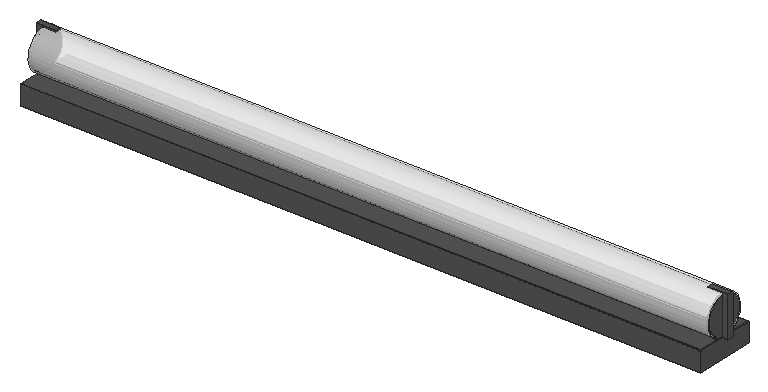
Revit family "AFX-Axel-LED_Vanity", category Lighting Fixtures, host Face, Revit 2022
Family settings
  Host = Face
  Round Connector Dimension = Use Diameter
  Part Type = Normal
  Cut with Voids When Loaded = No
  Light Source = Yes
  Maintain Annotation Orientation = No
  Shared = No
  Room Calculation Point = No
Parameters (values of type "AXL4804")
  Wattage Comments = "40W"
  Wattage = 40 W
  built-in parameter 1150110 = 1 (stored number, unit not read)
  Voltage = 120 V
  URL = "https://www.afxinc.com/"
  Type Comments = "Axel"  # constant formula
  built-in parameter 1114217 = 1 (stored number, unit not read)
  Tilt Angle = 180.00°
  built-in parameter 1150109 = 1 (stored number, unit not read)
  built-in parameter 1150134 = (empty or 0)
  Sustainability = "https://lamprecycle.org/en/"
  built-in parameter 1150113 = 1 (stored number, unit not read)
  Support Finish = AFX - Paint Black
  Revit Model Built By = "https://www.servex-us.com/servex-revit/"
  Product Documentation Link = "https://www.afxinc.com/products/productDetail.cfm?productID=2927"
  Power Factor = 1
  Photometric Web File = "AXLV4804LAJUDSN_3000K_IES.IES"
  Model = "AXL4804"
  Manufacturer = "AFX Inc"  # constant formula
  built-in parameter 1150105 = 24625.7 (stored number, unit not read)
  Lumens = 130800 lm
  built-in parameter 1150115 = 1 (stored number, unit not read)
  built-in parameter 1150137 = (empty or 0)
  built-in parameter 1150139 = (empty or 0)
  Length = 48"
  built-in parameter 1150112 = 1 (stored number, unit not read)
  built-in parameter 1150114 = 1 (stored number, unit not read)
  Keynote = "12500"  # constant formula
  built-in parameter 1150132 = (empty or 0)
  built-in parameter 1150102 = (empty or 0)
  built-in parameter 1150107 = 2700 (stored number, unit not read)
  built-in parameter 1150138 = (empty or 0)
  built-in parameter 1150106 = 246.26 (stored number, unit not read)
  Height = 4 1/8"
  Emit from Rectangle Width = 47"
  Emit from Rectangle Length = 2"
  Emit Shape Visible in Rendering = no
  built-in parameter 1150104 = 303.79 (stored number, unit not read)
  Dimming Lamp Color Temperature Shift = <None>
  Diffuser Finish = AFX - Diffuser
  Description = "LED Vanity - 48\"L x 4\"D x 4 1/8\"H"
  Depth = 4"
  Default Elevation = 48"
  Color Filter = 16777215
  Canopy Finish = AFX - Paint Black
  built-in parameter 1114218 = 1 (stored number, unit not read)
  built-in parameter 1150133 = 10 (stored number, unit not read)
  Assembly Code = "D5020200"
  Apparent Load = 0 VA
Reference planes (in)
  plane 1 "Center (Front/Back)": y = 0
  plane 2: z = 0
  plane 3 "Center (Left/Right)": x = 0
  plane 4: x = -24
  plane 5: x = 24
  plane 6: y = 2.0625
  plane 7: y = -2.0625
  plane 8: z = 4
  plane 9: x = 23.62205
  plane 10: x = -23.58268
Forms (in)
  Extrusion 1, solid, material "AFX - Diffuser" <- "Diffuser Finish"
    sketch origin (0, 0, 0) x (0, 1, 0) y (0, 0, 1)
      loop
        arc (-0.65642, 1.39425) -> (-0.00057, 4.04532) -> (0.65627, 1.3945) r 1.40672
        arc (0.65627, 1.3945) -> (0.63718, 1.39621) -> (0.63094, 1.41433) r 0.01762
        arc (0.63094, 1.41433) -> (0.65784, 1.47216) -> (0.70445, 1.51568) r 0.16699
        arc (0.70445, 1.51568) -> (-0.00023, 3.95916) -> (-0.69277, 1.51222) r 1.32241
        arc (-0.69277, 1.51222) -> (-0.64975, 1.46947) -> (-0.62998, 1.41214) r 0.13403
        arc (-0.62998, 1.41214) -> (-0.63784, 1.39527) -> (-0.65642, 1.39425) r 0.0181
    from -23.58268 to 23.62205
  Sweep 2, solid, material "AFX - Paint Black" <- "Canopy Finish"
    path origin (0, 0, 0) x (1, 0, 0) y (0, 1, 0)
      loop
        line (-23.60236, -2.0625) -> (23.60236, -2.0625) -> (23.60236, 2.0625) -> (-23.60236, 2.0625) -> (-23.60236, -2.0625)
    profile origin (0, -2.0625, 0) x (0, 1, 0) y (0, 0, 1)
      loop
        line (0.21635, 1.37795) -> (0.02093, 1.37795)
        arc (0.02093, 1.37795) -> (0.00613, 1.37182) -> (0, 1.35702) r 0.02093
        line (0, 1.35702) -> (0, 0) -> (0.21635, 0) -> (0.21635, 1.37795)
  Extrusion 3, solid, material "AFX - Paint Black" <- "Canopy Finish"
    sketch origin (0, 0, 0) x (1, 0, 0) y (0, 1, 0)
      loop
        line (-23.38601, 1.84615) -> (-23.38601, -1.84615) -> (23.38601, -1.84615) -> (23.38601, 1.84615) -> (-23.38601, 1.84615)
    from 0 to 1.37795
  Extrusion 4, solid, material "AFX - Paint Black" <- "Support Finish"
    sketch origin (0, 0, 0) x (0, 1, 0) y (0, 0, 1)
      loop
        line (0.61024, 1.37795) -> (0.61024, 1.48413)
        arc (0.61024, 1.48413) -> (0, 3.94383) -> (-0.61024, 1.48413) r 1.30555
        line (-0.61024, 1.48413) -> (-0.61024, 1.37795) -> (0.61024, 1.37795)
    from -23.53543 to -23.40551
  Extrusion 5, solid, material "AFX - Paint Black" <- "Support Finish"
    sketch origin (0, 0, 0) x (0, 1, 0) y (0, 0, 1)
      loop
        line (-0.61024, 1.37795) -> (0.61024, 1.37795) -> (0.61024, 1.48413)
        arc (0.61024, 1.48413) -> (0, 3.94393) -> (-0.61024, 1.48413) r 1.30559
        line (-0.61024, 1.48413) -> (-0.61024, 1.37795)
    from 23.44488 to 23.5748
  Extrusion 6, solid, material "AFX - Paint Black" <- "Support Finish"
    sketch origin (0, 0, 0) x (1, 0, 0) y (0, 1, 0)
      loop
        line (-22.59843, 0.20544) -> (-23.97638, 0.19341) -> (-23.97638, -0.19341) -> (-22.59843, -0.20544) -> (-22.59843, 0.20544)
    from 4.06686 to 4.18572
  Extrusion 7, solid, material "AFX - Paint Black" <- "Support Finish"
    sketch origin (0, 0, 0) x (1, 0, 0) y (0, 1, 0)
      loop
        line (-23.97638, 0.19341) -> (-23.97638, -0.19341) -> (-23.58268, -0.19685) -> (-23.58268, 0.19685) -> (-23.97638, 0.19341)
    from 1.37795 to 4.06686
  Extrusion 8, solid, material "AFX - Paint Black" <- "Support Finish"
    sketch origin (0, 0, 0) x (-1, 0, 0) y (0, -1, 0)
      loop
        line (-24.01575, -0.19341) -> (-23.62205, -0.19685) -> (-23.62205, 0.19685) -> (-24.01575, 0.19341) -> (-24.01575, -0.19341)
    from 1.37795 to 4.0763
  Extrusion 9, solid, material "AFX - Paint Black" <- "Support Finish"
    sketch origin (0, 0, 0) x (1, 0, 0) y (0, 1, 0)
      loop
        line (22.6378, -0.20544) -> (24.01575, -0.19341) -> (24.01575, 0.19341) -> (22.6378, 0.20544) -> (22.6378, -0.20544)
    from 4.0763 to 4.18572
Cuts and joins
  joined: Sweep 2, Extrusion 3
  joined: Extrusion 8, Extrusion 9
  joined: Extrusion 6, Extrusion 7
Lines and regions (in)
  symbolic lines
    curve 1: line (22.6378, 0, 4.18572) -> (24.01575, 0, 4.18572)
    curve 2: line (24.01575, 0, 4.18572) -> (24.01575, 0, 1.39401)
    curve 3: line (-22.59843, 0, 4.06686) -> (-22.59843, 0, 4.18572)
    curve 4: line (-22.59843, 0, 4.18572) -> (-23.97638, 0, 4.18572)
    curve 5: line (-22.59843, 0, 4.06686) -> (-23.58268, 0, 4.06686)
    curve 6: line (-23.97638, 0, 1.39401) -> (24.01575, 0, 1.39401)
    curve 7: line (22.6378, 0, 4.0763) -> (23.62205, 0, 4.0763)
    curve 8: line (23.62205, 0, 4.0763) -> (23.62205, 0, 1.39401)
    curve 9: line (22.6378, 0, 4.0763) -> (22.6378, 0, 4.18572)
    curve 10: line (23.62205, 0, 4.04544) -> (-23.58268, 0, 4.04544)
    curve 11: line (-23.58268, 0, 4.06686) -> (-23.58268, 0, 1.39401)
    curve 12: line (-23.97638, 0, 1.39401) -> (-23.97638, 0, 4.18572)
    curve 13: line (-23.60236, 0, 0) -> (23.60236, 0, 0)
    curve 14: line (23.60236, 0, 1.35702) -> (23.60236, 0, 0)
    curve 15: line (-23.60236, 0, 1.35702) -> (-23.60236, 0, 0)
    curve 16: line (-23.58143, 0, 1.37795) -> (23.58143, 0, 1.37795)
    curve 17: arc (23.58143, 0, 1.37795) -> (23.59623, 0, 1.37182) -> (23.60236, 0, 1.35702) r 0.02093
    curve 18: arc (-23.60236, 0, 1.35702) -> (-23.59623, 0, 1.37182) -> (-23.58143, 0, 1.37795) r 0.02093
Dimensions and locks (in)
  equal spacing: plane 4, plane 3 "Center (Left/Right)", plane 5
  "Length": plane 4 to plane 5
  equal spacing: plane 6, plane 1 "Center (Front/Back)", plane 7
  "Height": plane 6 to plane 7
  "Depth": plane 8 to plane 2
  locked: plane 5 to plane 9 at 0.37795
  locked: plane 10 to plane 4 at 0.41732
  locked: Sweep 2 sketch curve to plane 5 at 0.39764
  locked: plane 4 to Sweep 2 sketch curve at 0.39764
  locked: plane 4 to Extrusion 7 sketch curve at 0.02362
  plane 4 to Extrusion 6 sketch curve to Extrusion 6 sketch curve = 0.02362" locked, 1.37795" locked
  Extrusion 6 sketch curve to plane 1 "Center (Front/Back)" to Extrusion 6 sketch curve = 0.20544" locked, 0.20544" locked
  Extrusion 6 sketch curve to plane 1 "Center (Front/Back)" to Extrusion 6 sketch curve = 0.19341" locked, 0.19341" locked
  aligned and locked: plane 2 to host face
  aligned and locked: level to host face
  aligned and locked: plane 9 to Extrusion 1
  aligned and locked: plane 10 to Extrusion 1
  aligned and locked: plane 6 to Sweep 2 sketch curve
  aligned and locked: plane 7 to Sweep 2 sketch curve
  aligned and locked: Extrusion 3 sketch curve to Sweep 2  (x4)
  aligned and locked: plane 10 to Extrusion 7 sketch curve
Automatic sketch dimensions
  host sketch curve to host sketch curve = 96"  (x2)
  plane 1 "Center (Front/Back)" to Extrusion 1 sketch curve = 0.76329"
  Extrusion 1 sketch curve to Extrusion 1 sketch curve = 0.11531"
  plane 1 "Center (Front/Back)" to Extrusion 1 sketch curve = 0.00031"
  Extrusion 1 sketch curve to plane 1 "Center (Front/Back)" = 0.00306"
  Extrusion 1 sketch curve to plane 1 "Center (Front/Back)" = 0.64805"
  Extrusion 1 sketch curve to Extrusion 1 sketch curve = 0.14497"
  level to Extrusion 1 sketch curve = 1.37412"
  level to Extrusion 1 sketch curve = 1.39824"
  Extrusion 1 sketch curve to Extrusion 1 sketch curve = 0.03597"
  Extrusion 1 sketch curve to Extrusion 1 sketch curve = 0.01202"
  Extrusion 1 sketch curve to plane 8 = 1.36324"
  Extrusion 1 sketch curve to Extrusion 1 sketch curve = 0.00184"
  Extrusion 1 sketch curve to Extrusion 1 sketch curve = 0.04478"
  Extrusion 1 sketch curve to Extrusion 1 sketch curve = 0"  (x3)
  Extrusion 1 sketch curve to Extrusion 1 sketch curve = 0.00844"
  Extrusion 1 sketch curve to Extrusion 1 sketch curve = 0.0171"
  Sweep 2 sketch curve to level = 0"
  Sweep 2 sketch curve to profile plane = 0"
  Sweep 2 sketch curve to Sweep 2 sketch curve = 0.02093"
  Sweep 2 sketch curve to Sweep 2 sketch curve = 0.19542"
  Sweep 2 sketch curve to Sweep 2 sketch curve = 1.35702"
  Extrusion 5 sketch curve to plane 1 "Center (Front/Back)" = 0"
  plane 1 "Center (Front/Back)" to Extrusion 5 sketch curve = 0.61024"
  Extrusion 5 sketch curve to plane 1 "Center (Front/Back)" = 0.61024"
  level to Extrusion 5 sketch curve = 1.37795"
  Extrusion 5 sketch curve to Extrusion 5 sketch curve = 0.10618"
  Extrusion 5 sketch curve to Extrusion 5 sketch curve = 1.1542"
  plane 1 "Center (Front/Back)" to Extrusion 7 sketch curve = 0.19685"
  plane 1 "Center (Front/Back)" to Extrusion 7 sketch curve = 0.19341"
  Extrusion 7 sketch curve to plane 1 "Center (Front/Back)" = 0.19341"
  Extrusion 7 sketch curve to plane 1 "Center (Front/Back)" = 0.19685"
  Extrusion 9 sketch curve to plane 9 = 0.98425"
  Extrusion 9 sketch curve to plane 5 = 0.01575"
  Extrusion 8 sketch curve to plane 9 = 0"
  Extrusion 8 sketch curve to plane 5 = 0.01575"
  plane 1 "Center (Front/Back)" to Extrusion 8 sketch curve = 0.19341"
  plane 1 "Center (Front/Back)" to Extrusion 8 sketch curve = 0.19685"
  plane 1 "Center (Front/Back)" to Extrusion 9 sketch curve = 0.19341"
  plane 1 "Center (Front/Back)" to Extrusion 9 sketch curve = 0.20544"
  Extrusion 8 sketch curve to plane 1 "Center (Front/Back)" = 0.19341"
  Extrusion 8 sketch curve to plane 1 "Center (Front/Back)" = 0.19685"
  Extrusion 9 sketch curve to plane 1 "Center (Front/Back)" = 0.19341"
  Extrusion 9 sketch curve to plane 1 "Center (Front/Back)" = 0.20544"
  plane 10 to curve 5 = 0"
  curve 10 to plane 9 = 0"
  plane 10 to curve 15 = 0.01969"
  plane 4 to curve 12 = 0.02362"
  curve 18 to plane 10 = 0.00124"
  plane 8 to curve 5 = 0.06686"
  curve 5 to curve 5 = 0.98425"
  plane 8 to curve 9 = 0.18572"
  curve 9 to plane 9 = 0.98425"
  curve 16 to plane 9 = 0.04061"
  curve 14 to plane 9 = 0.01969"
  curve 2 to plane 5 = 0.01575"
  curve 13 to curve 15 = 1.35702"
  curve 14 to curve 2 = 0.03699"
  plane 8 to curve 7 = 0.0763"
  plane 8 to curve 4 = 0.18572"
  curve 14 to level = 0"
  curve 10 to curve 7 = 0.03086"
  Extrusion 4 sketch curve to plane 1 "Center (Front/Back)" = 0"
  plane 1 "Center (Front/Back)" to Extrusion 4 sketch curve = 0.61024"
  Extrusion 4 sketch curve to plane 1 "Center (Front/Back)" = 0.61024"
  level to Extrusion 4 sketch curve = 1.37795"
  Extrusion 4 sketch curve to Extrusion 4 sketch curve = 0.10618"
  Extrusion 4 sketch curve to Extrusion 4 sketch curve = 1.15415"
Connectors (in)
  electrical at (0, 0, 0), driven by "Voltage", driven by "Apparent Load", driven by "Power Factor"
    settings: on cut or joined group of Sweep 2, Extrusion 3, index 1, voltage 120 V, apparent load 0 VA, apparent load phase1 0 VA, apparent load phase2 0 VA, apparent load phase3 0 VA, power factor 1, load classification "Power", number of poles 1, system type 31, power factor state 1, is connector primary yes, connector utility no, sub classification motor no, connector description ""
